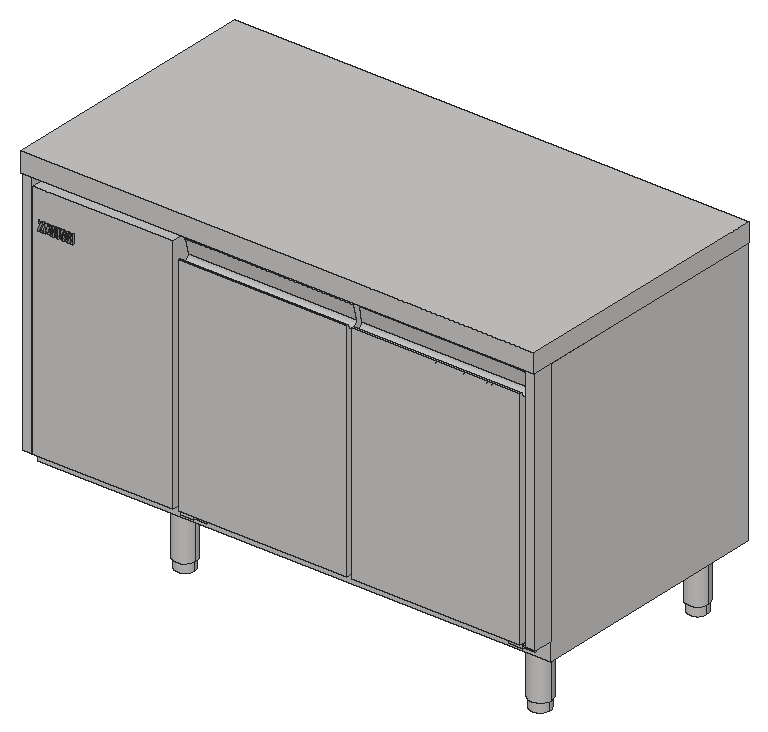
Revit family "QF_ZANUSSI_713060_ZHF2BL", category Attrezzature speciali, Revit 2018
Family settings
  Quota connettore circolare = Usa diametro
  Tipo di parte = Normale
  Basato su piano di lavoro = No
  Sempre verticale = Sì
  Taglio con vuoti quando caricato = No
  Condiviso = No
  Punto di calcolo locali = No
Parameters (values of type "Standard")
  Weight = 112.00 kg
  Watts = 490 W
  Volts = 220 V
  URL Manufacturer = "http://www.zanussiprofessional.com"
  URL = "http://www.zanussiprofessional.com"
  Steam Supply Size = 0 mm
  Steam Supply Minimum Pressure = 0.0 Pa
  Steam Supply Maximum Pressure = 0.0 Pa
  Steam Consumption per Hour = 0
  Refrigeration Suction Line Size = 0 mm
  Refrigeration Liquid Line Size = 0 mm
  Refrigerant Compressor Remote = yes
  Produttore = "Zanussi"
  Phase = 1
  Modello = "ZHF2BL"
  Length Actual = 1345 mm  # constant formula
  Item Number = "713060"
  Hot Water Size = 0 mm
  Height Actual = 900 mm  # constant formula
  HP = "0.7 HP"
  Gas Size = 0 mm
  Gas KW = 0
  Gas Input Pressure = 0 W
  Direct Waste Size = 0 mm
  Descrizione = "FREEZ.COUNTER 290L 2xDOOR CU_LFT A304"
  Depth Actual = 700 mm  # constant formula
  Cycle = 50 Hz
  Condensate Return Size = 0 mm
  Compressed Air Volume = 0.0 L/s
  Compressed Air Size = 0 mm
  Compressed Air Pressure = 0.0 Pa
  Cold Water Size = 0 mm
  Accessory = yes
Values of the unnamed type that differ from the named types
  Weight = 0.00 kg
  Watts = 0 W
  Volts = 0 V
  URL Manufacturer = ""
  Item Number = ""
  HP = ""
  Cycle = 0 Hz
Reference planes
  plane 1: z = 0
  plane 2 "Center (Left/Right)": x = -126.5
  plane 3 "Center (Front/Back)": y = 64.5
  plane 4 "BACK": y = 414.5
  plane 5 "FRONT": y = -285.5
  plane 6 "LEFT": x = -799
  plane 7 "RIGHT": x = 546
  plane 8 "FEET": z = 150
  plane 9 "TOP": z = 900
  plane 10 "PLAIN": z = 850
  plane 11 "EI_back": y = 333.5
  plane 12 "EI_left": x = -711
  plane 13 "BorderBack": y = 414.5
  plane 14 "BorderFront": y = -280.5
  plane 15 "DOOR": y = -230.5
  plane 16 "BorderLeft": x = -797
  plane 17 "BorderRight": x = 544
  plane 18: x = -772
  plane 19: x = 519
Forms (mm)
  Extrusion 1, solid, material "QF_Finishes_Stainless Steel"
    sketch origin (-1022.223, -1524, 150) x (-1, 0, 0) y (0, -1, 0)
      loop
        circle (-311.223, -1857.5) r 5
    from 0 to -40
  Extrusion 2, solid, material "QF_Finishes_Stainless Steel"
    sketch origin (-1022.223, -1524, 150) x (-1, 0, 0) y (0, -1, 0)
      loop
        line (-1541.223, -1293.5) -> (-1541.223, -1243.5) -> (-1566.223, -1243.5) -> (-1566.223, -1293.5) -> (-1541.223, -1293.5)
    from 48 to 700
  Extrusion 3, solid, material "QF_Finishes_Stainless Steel"
    sketch origin (-1022.223, -1524, 150) x (-1, 0, 0) y (0, -1, 0)
      loop
        line (-225.223, -1938.5) -> (-225.223, -1293.5) -> (-1566.223, -1293.5) -> (-1566.223, -1938.5) -> (-225.223, -1938.5)
    from 0 to 700
  Extrusion 4, solid, material "QF_Finishes_Stainless Steel"
    sketch origin (769.223, -1524, 150) x (1, 0, 0) y (0, 1, 0)
      loop
        line (-1541.223, 1293.5) -> (-1566.223, 1293.5) -> (-1566.223, 1243.5) -> (-1541.223, 1243.5) -> (-1541.223, 1293.5)
    from 48 to 700
Dimensions and locks
  equal spacing: plane 6 "LEFT", plane 2 "Center (Left/Right)", plane 7 "RIGHT"
  plane 4 "BACK" to plane 5 "FRONT" = 700 mm  (x2)
  plane 8 "FEET" to level = 150 mm
  plane 4 "BACK" to plane 13 "BorderBack" = 0 mm
  plane 14 "BorderFront" to plane 5 "FRONT" = 5 mm
  plane 15 "DOOR" to plane 14 "BorderFront" = 50 mm
  plane 6 "LEFT" to plane 16 "BorderLeft" = 2 mm
  plane 17 "BorderRight" to plane 7 "RIGHT" = 2 mm
  plane 10 "PLAIN" to plane 8 "FEET" = 700 mm
  plane 9 "TOP" to plane 10 "PLAIN" = 50 mm
  plane 16 "BorderLeft" to plane 18 = 25 mm
  plane 19 to plane 17 "BorderRight" = 25 mm
  plane 13 "BorderBack" to plane 11 "EI_back" = 81 mm
  plane 16 "BorderLeft" to plane 12 "EI_left" = 86 mm
  plane 6 "LEFT" to plane 7 "RIGHT" = 1345 mm
  equal spacing: plane 4 "BACK", plane 3 "Center (Front/Back)", plane 5 "FRONT"
  aligned and locked: level to plane 1
Automatic sketch dimensions
  Extrusion 1 sketch curve to plane 11 "EI_back" = 0 mm
  Extrusion 1 sketch curve to plane 12 "EI_left" = 0 mm
  Extrusion 2 sketch curve to plane 15 "DOOR" = 0 mm
  Extrusion 2 sketch curve to plane 17 "BorderRight" = 0 mm
  Extrusion 2 sketch curve to plane 14 "BorderFront" = 0 mm
  Extrusion 2 sketch curve to plane 19 = 0 mm
  Extrusion 3 sketch curve to plane 13 "BorderBack" = 0 mm
  Extrusion 3 sketch curve to plane 17 "BorderRight" = 0 mm
  Extrusion 3 sketch curve to plane 15 "DOOR" = 0 mm
  Extrusion 3 sketch curve to plane 16 "BorderLeft" = 0 mm
  Extrusion 4 sketch curve to plane 15 "DOOR" = 0 mm
  Extrusion 4 sketch curve to plane 16 "BorderLeft" = 0 mm
  Extrusion 4 sketch curve to plane 14 "BorderFront" = 0 mm
  Extrusion 4 sketch curve to plane 18 = 0 mm
  radius of Extrusion 1 sketch curve = 5 mm
Nested families
  nested 1: "HPP_PLAIN" at (0, 0, 0), type "HPP_PLAIN"
    with Show Logo yes, Show Clearance yes, Length 1345 mm
  nested 2: "HPP_Freezer" at (546, -280.5, 0), type "HPP_Freezer"
  nested 3: "HPP_FEET" at (-452, 333.5, 0), type "HPP_FEET"
  nested 4: "HPP_FEET" at (478, 333.5, 0), type "HPP_FEET"
  nested 5: "HPP_FEET" at (-452, -180.5, 0), type "HPP_FEET"
  nested 6: "HPP_FEET" at (478, -180.5, 0), type "HPP_FEET"
  nested 7: "HPP_ZAN_BI_BT_L" at (-477.58, -230.5, 598) x (1, 0, 0) z (0, -1, 0), type "HPP_ZAN_BI_BT_L"
    with Show Logo yes
  nested 8: "HPP_ZAN_SD_L" at (-169, -230.5, 512) x (1, 0, 0) z (0, -1, 0), type "HPP_ZAN_SD_L"
    with Show Clearance yes
  nested 9: "HPP_ZAN_SD_R" at (285, -230.5, 512) x (1, 0, 0) z (0, -1, 0), type "HPP_ZAN_SD_R"
    with Show Clearance yes
Connectors
  electrical at (-711, 333.5, 110), driven by "Volts"
    settings: on Extrusion 1, index 1, voltage 220 V, apparent load 0 VA, apparent load phase1 0 VA, apparent load phase2 0 VA, apparent load phase3 0 VA, power factor 1, load classification "Other", number of poles 1, system type 31, power factor state 1, is connector primary yes, connector utility no, sub classification motor no, connector description "Electrical Connection"
Definition of nested family "HPP_PLAIN"
  Parameters
    Show Logo [instance] = yes
    Show Clearance [instance] = yes
    Plain = 50 mm
    Manufacturer = ""
    Model = ""
    Length = 1000 mm
    Height = 700 mm
    Feet = 150 mm
    Depth = 700 mm
    Description = ""
  Reference planes
    plane 1 "Center (Front/Back)": y = 64.5
    plane 2: z = 0
    plane 3 "Center (Left/Right)": x = -126.5
    plane 4 "BACK": y = 414.5
    plane 5 "FRONT": y = -285.5
    plane 6 "LEFT": x = -626.5
    plane 7 "RIGHT": x = 373.5
    plane 8 "FEET": z = 150
    plane 9 "TOP": z = 900
    plane 10 "PLAIN": z = 850
  Forms (mm)
    Extrusion 1, solid
      sketch origin (-626.5, 0, 0) x (0, 1, 0) y (0, 0, 1)
        loop
          line (414.5, 900) -> (-285.5, 900) -> (-285.5, 850) -> (414.5, 850) -> (414.5, 900)
      from 0 to 1000 <- "Length"
  Lines and regions (mm)
    symbolic lines
      curve 1: line (373.5, 414.5, 150) -> (-626.5, 414.5, 150)
      curve 2: line (-626.5, 414.5, 150) -> (-626.5, -285.5, 150)
      curve 3: line (-626.5, -285.5, 150) -> (373.5, -285.5, 150)
      curve 4: line (373.5, -285.5, 150) -> (373.5, 414.5, 150)
      curve 5: line (-626.5, -230.5, 150) -> (373.5, -230.5, 150)
  Dimensions and locks
    equal spacing: plane 6 "LEFT", plane 3 "Center (Left/Right)", plane 7 "RIGHT"
    equal spacing: plane 4 "BACK", plane 1 "Center (Front/Back)", plane 5 "FRONT"
    plane 4 "BACK" to plane 5 "FRONT" = 700 mm
    "Feet": plane 8 "FEET" to level
    "Height": plane 10 "PLAIN" to plane 8 "FEET"
    "Plain": plane 9 "TOP" to plane 10 "PLAIN"
    "Length": plane 6 "LEFT" to plane 7 "RIGHT"
    "Depth": plane 4 "BACK" to plane 5 "FRONT"
    aligned and locked: level to plane 2
  Automatic sketch dimensions
    Extrusion 1 sketch curve to plane 5 "FRONT" = 0 mm
    Extrusion 1 sketch curve to plane 4 "BACK" = 0 mm
    Extrusion 1 sketch curve to plane 10 "PLAIN" = 0 mm
    Extrusion 1 sketch curve to plane 9 "TOP" = 0 mm
    curve 1 to plane 4 "BACK" = 0 mm
    plane 5 "FRONT" to curve 5 = 55 mm
    curve 5 to plane 7 "RIGHT" = 0 mm
    curve 5 to plane 6 "LEFT" = 0 mm
    curve 3 to plane 5 "FRONT" = 0 mm
Definition of nested family "HPP_FEET"
  Parameters
    FEET = 150 mm
  Reference planes
    plane 1 "Center (Front/Back)": y = 0
    plane 2: z = 0
    plane 3 "Center (Left/Right)": x = 0
    plane 4: z = 150
  Forms (mm)
    Revolve 1, solid
      sketch origin (255.05, 0, 608.09) x (0, 0, 1) y (-1, 0, 0)
        loop
          line (-608.09, 255.05) -> (-608.09, 230.05) -> (-583.09, 230.05) -> (-583.09, 226.05) -> (-458.09, 226.05) -> (-458.09, 255.05) -> (-608.09, 255.05)
        axis (-608.09, 255.05) -> (-458.09, 255.05)
      angle from 0 to 360
  Dimensions and locks
    locked: Revolve 1 sketch curve to Revolve 1 sketch curve at 125
    "FEET": plane 4 to plane 2
    aligned and locked: level to plane 2
    aligned and locked: plane 4 to Revolve 1 sketch curve
    aligned and locked: Revolve 1 sketch curve to level
    aligned and locked: plane 3 "Center (Left/Right)" to Revolve 1 sketch curve
  Automatic sketch dimensions
    Revolve 1 sketch curve to plane 3 "Center (Left/Right)" = 0 mm
    Revolve 1 sketch curve to Revolve 1 sketch curve = 25 mm
    Revolve 1 sketch curve to Revolve 1 sketch curve = 29 mm
    plane 4 to Revolve 1 sketch curve = 50 mm
    Revolve 1 sketch curve to Revolve 1 sketch curve = 20 mm
Definition of nested family "HPP_ZAN_BI_BT_L"
  Parameters
    Show Logo [instance] = yes
    Default Elevation = 1219.2 mm
  Reference planes
    plane 1 "Center (Front/Back)": y = -86
    plane 2: z = 0
    plane 3 "Center (Left/Right)": x = -109.92
    plane 4: x = -294.42
    plane 5: x = 74.58
    plane 6: y = 228
    plane 7: y = -400
  Forms (mm)
    Extrusion 1, solid
      sketch origin (0, 0, 0) x (1, 0, 0) y (0, 1, 0)
        loop
          line (-1219.2, 1219.2) -> (-1219.2, -1219.2) -> (1219.2, -1219.2) -> (1219.2, 1219.2) -> (-1219.2, 1219.2)
      from 0 to -304.8
    Extrusion 2, solid
      sketch origin (0, 0, 0) x (1, 0, 0) y (0, 1, 0)
        loop
          line (-294.42, 228) -> (-294.42, -400) -> (74.58, -400) -> (74.58, 228) -> (-294.42, 228)
      from 0 to 50
    Extrusion 3, solid
      sketch origin (0, 0, 0) x (1, 0, 0) y (0, 1, 0)
        loop
          line (-264.48, 129.377) -> (-264.48, 134.29) -> (-271.848, 134.29) -> (-264.48, 149.31) -> (-264.48, 153.381) -> (-276.692, 153.381) -> (-276.692, 148.889) -> (-270.235, 149.029) -> (-277.254, 134.29) -> (-277.254, 129.377) -> (-264.48, 129.377)
        loop
          line (-257.429, 138.361) -> (-254.622, 138.361) -> (-256.025, 149.278) -> (-257.429, 138.361)
        loop
          line (-258.692, 129.377) -> (-257.991, 134.009) -> (-253.92, 134.009) -> (-253.218, 129.377) -> (-248.164, 129.377) -> (-252.656, 153.381) -> (-259.394, 153.381) -> (-263.746, 129.377) -> (-258.692, 129.377)
        loop
          line (-247.542, 153.381) -> (-247.542, 129.377) -> (-243.191, 129.377) -> (-243.191, 145.239) -> (-239.12, 129.377) -> (-233.786, 129.377) -> (-233.786, 153.381) -> (-238.278, 153.381) -> (-238.278, 138.08) -> (-242.348, 153.381) -> (-247.542, 153.381)
        loop
          arc (-232.663, 135.313) -> (-226.658, 129.338) -> (-219.889, 134.43) r 6.468
          line (-219.889, 134.43) -> (-219.889, 153.381) -> (-224.802, 153.381) -> (-224.802, 135.553)
          arc (-224.802, 135.553) -> (-226.093, 134.064) -> (-227.75, 135.132) r 1.504
          line (-227.75, 135.132) -> (-227.75, 153.381) -> (-232.663, 153.381) -> (-232.663, 135.313)
        loop
          line (-210.764, 145.8) -> (-206.132, 145.8) -> (-206.056, 147.983)
          arc (-206.056, 147.983) -> (-206.379, 150.415) -> (-207.904, 152.338) r 4.609
          arc (-207.904, 152.338) -> (-212.388, 153.8) -> (-216.872, 152.338) r 7.606
          arc (-216.872, 152.338) -> (-218.7, 148.788) -> (-218.474, 144.801) r 7.59
          arc (-218.474, 144.801) -> (-216.972, 142.597) -> (-215.128, 140.67) r 16.193
          line (-215.128, 140.67) -> (-213.059, 138.836)
          arc (-213.059, 138.836) -> (-211.836, 137.798) -> (-210.886, 136.505) r 6.904
          arc (-210.886, 136.505) -> (-211.121, 134.247) -> (-213.334, 133.743) r 1.95
          arc (-213.334, 133.743) -> (-214.001, 134.417) -> (-214.286, 135.321) r 2.021
          arc (-214.286, 135.321) -> (-214.308, 135.958) -> (-214.286, 136.595) r 9.221
          arc (-214.286, 136.595) -> (-214.265, 137.197) -> (-214.286, 137.799) r 8.711
          line (-214.286, 137.799) -> (-219.187, 137.799)
          arc (-219.187, 137.799) -> (-219.14, 134.363) -> (-217.785, 131.205) r 8.837
          arc (-217.785, 131.205) -> (-211.386, 129.382) -> (-205.995, 133.284) r 7.618
          arc (-205.995, 133.284) -> (-205.897, 137.313) -> (-207.626, 140.954) r 8.7
          line (-207.626, 140.954) -> (-213.01, 145.8)
          arc (-213.01, 145.8) -> (-213.739, 146.716) -> (-214.129, 147.818) r 3.541
          arc (-214.129, 147.818) -> (-212.743, 149.797) -> (-210.764, 148.411) r 1.708
          line (-210.764, 148.411) -> (-210.764, 145.8)
        loop
          line (-196.764, 145.8) -> (-192.132, 145.8) -> (-192.056, 147.983)
          arc (-192.056, 147.983) -> (-192.379, 150.415) -> (-193.904, 152.338) r 4.609
          arc (-193.904, 152.338) -> (-198.388, 153.8) -> (-202.872, 152.338) r 7.606
          arc (-202.872, 152.338) -> (-204.7, 148.788) -> (-204.474, 144.801) r 7.59
          arc (-204.474, 144.801) -> (-202.972, 142.597) -> (-201.128, 140.67) r 16.193
          line (-201.128, 140.67) -> (-199.059, 138.836)
          arc (-199.059, 138.836) -> (-197.836, 137.798) -> (-196.886, 136.505) r 6.904
          arc (-196.886, 136.505) -> (-197.121, 134.247) -> (-199.334, 133.743) r 1.95
          arc (-199.334, 133.743) -> (-200.001, 134.417) -> (-200.286, 135.321) r 2.021
          arc (-200.286, 135.321) -> (-200.308, 135.958) -> (-200.286, 136.595) r 9.221
          arc (-200.286, 136.595) -> (-200.265, 137.197) -> (-200.286, 137.799) r 8.711
          line (-200.286, 137.799) -> (-205.187, 137.799)
          arc (-205.187, 137.799) -> (-205.14, 134.363) -> (-203.785, 131.205) r 8.837
          arc (-203.785, 131.205) -> (-197.386, 129.382) -> (-191.995, 133.284) r 7.618
          arc (-191.995, 133.284) -> (-191.897, 137.313) -> (-193.626, 140.954) r 8.7
          line (-193.626, 140.954) -> (-199.01, 145.8)
          arc (-199.01, 145.8) -> (-199.739, 146.716) -> (-200.129, 147.818) r 3.541
          arc (-200.129, 147.818) -> (-198.743, 149.797) -> (-196.764, 148.411) r 1.708
          line (-196.764, 148.411) -> (-196.764, 145.8)
        loop
          line (-191.112, 153.381) -> (-191.112, 129.377) -> (-186.199, 129.377) -> (-186.199, 153.381) -> (-191.112, 153.381)
      from 50 to 51.6
  Lines and regions (mm)
    Split face 1
      outline origin (-47.5, 0, 50) x (1, 0, 0) y (0, 1, 0)
        loop
          line (7.08, 153) -> (7.08, 130) -> (77.08, 130) -> (77.08, 153) -> (7.08, 153)
    Split face 2
      outline origin (0, 0, 50) x (1, 0, 0) y (0, 1, 0)
        loop
          line (-294.42, 164) -> (74.58, 164)
    Split face 3
      outline origin (-17.5, 0, 50) x (1, 0, 0) y (0, 1, 0)
        loop
          arc (-250.964, 107.824) -> (-254.964, 103.824) -> (-250.964, 99.824) r 4
          line (-250.964, 99.824) -> (-208.964, 99.824)
          arc (-208.964, 99.824) -> (-204.964, 103.824) -> (-208.964, 107.824) r 4
          line (-208.964, 107.824) -> (-250.964, 107.824)
    Split face 4
      outline origin (347.5, 0, 50) x (1, 0, 0) y (0, 1, 0)
        loop
          arc (-340.964, 107.824) -> (-344.964, 103.824) -> (-340.964, 99.824) r 4
          line (-340.964, 99.824) -> (-298.964, 99.824)
          arc (-298.964, 99.824) -> (-294.964, 103.824) -> (-298.964, 107.824) r 4
          line (-298.964, 107.824) -> (-340.964, 107.824)
    Split face 5
      outline origin (92.5, 0, 50) x (1, 0, 0) y (0, 1, 0)
        loop
          arc (-305.964, 107.824) -> (-309.964, 103.824) -> (-305.964, 99.824) r 4
          line (-305.964, 99.824) -> (-263.964, 99.824)
          arc (-263.964, 99.824) -> (-259.964, 103.824) -> (-263.964, 107.824) r 4
          line (-263.964, 107.824) -> (-305.964, 107.824)
    Split face 6
      outline origin (237.5, 0, 50) x (1, 0, 0) y (0, 1, 0)
        loop
          arc (-285.964, 107.824) -> (-289.964, 103.824) -> (-285.964, 99.824) r 4
          line (-285.964, 99.824) -> (-243.964, 99.824)
          arc (-243.964, 99.824) -> (-239.964, 103.824) -> (-243.964, 107.824) r 4
          line (-243.964, 107.824) -> (-285.964, 107.824)
    Split face 7
      outline origin (-17.5, -24, 50) x (1, 0, 0) y (0, 1, 0)
        loop
          arc (-250.964, 119.824) -> (-254.964, 115.824) -> (-250.964, 111.824) r 4
          line (-250.964, 111.824) -> (-208.964, 111.824)
          arc (-208.964, 111.824) -> (-204.964, 115.824) -> (-208.964, 119.824) r 4
          line (-208.964, 119.824) -> (-250.964, 119.824)
    Split face 8
      outline origin (347.5, -24, 50) x (1, 0, 0) y (0, 1, 0)
        loop
          arc (-340.964, 119.824) -> (-344.964, 115.824) -> (-340.964, 111.824) r 4
          line (-340.964, 111.824) -> (-298.964, 111.824)
          arc (-298.964, 111.824) -> (-294.964, 115.824) -> (-298.964, 119.824) r 4
          line (-298.964, 119.824) -> (-340.964, 119.824)
    Split face 9
      outline origin (92.5, -24, 50) x (1, 0, 0) y (0, 1, 0)
        loop
          arc (-305.964, 119.824) -> (-309.964, 115.824) -> (-305.964, 111.824) r 4
          line (-305.964, 111.824) -> (-263.964, 111.824)
          arc (-263.964, 111.824) -> (-259.964, 115.824) -> (-263.964, 119.824) r 4
          line (-263.964, 119.824) -> (-305.964, 119.824)
    Split face 10
      outline origin (237.5, -24, 50) x (1, 0, 0) y (0, 1, 0)
        loop
          arc (-285.964, 119.824) -> (-289.964, 115.824) -> (-285.964, 111.824) r 4
          line (-285.964, 111.824) -> (-243.964, 111.824)
          arc (-243.964, 111.824) -> (-239.964, 115.824) -> (-243.964, 119.824) r 4
          line (-243.964, 119.824) -> (-285.964, 119.824)
    Split face 11
      outline origin (-17.5, -48, 50) x (1, 0, 0) y (0, 1, 0)
        loop
          arc (-250.964, 131.824) -> (-254.964, 127.824) -> (-250.964, 123.824) r 4
          line (-250.964, 123.824) -> (-208.964, 123.824)
          arc (-208.964, 123.824) -> (-204.964, 127.824) -> (-208.964, 131.824) r 4
          line (-208.964, 131.824) -> (-250.964, 131.824)
    Split face 12
      outline origin (347.5, -48, 50) x (1, 0, 0) y (0, 1, 0)
        loop
          arc (-340.964, 131.824) -> (-344.964, 127.824) -> (-340.964, 123.824) r 4
          line (-340.964, 123.824) -> (-298.964, 123.824)
          arc (-298.964, 123.824) -> (-294.964, 127.824) -> (-298.964, 131.824) r 4
          line (-298.964, 131.824) -> (-340.964, 131.824)
    Split face 13
      outline origin (92.5, -48, 50) x (1, 0, 0) y (0, 1, 0)
        loop
          arc (-305.964, 131.824) -> (-309.964, 127.824) -> (-305.964, 123.824) r 4
          line (-305.964, 123.824) -> (-263.964, 123.824)
          arc (-263.964, 123.824) -> (-259.964, 127.824) -> (-263.964, 131.824) r 4
          line (-263.964, 131.824) -> (-305.964, 131.824)
    Split face 14
      outline origin (237.5, -48, 50) x (1, 0, 0) y (0, 1, 0)
        loop
          arc (-285.964, 131.824) -> (-289.964, 127.824) -> (-285.964, 123.824) r 4
          line (-285.964, 123.824) -> (-243.964, 123.824)
          arc (-243.964, 123.824) -> (-239.964, 127.824) -> (-243.964, 131.824) r 4
          line (-243.964, 131.824) -> (-285.964, 131.824)
    Split face 15
      outline origin (-17.5, -72, 50) x (1, 0, 0) y (0, 1, 0)
        loop
          arc (-250.964, 143.824) -> (-254.964, 139.824) -> (-250.964, 135.824) r 4
          line (-250.964, 135.824) -> (-208.964, 135.824)
          arc (-208.964, 135.824) -> (-204.964, 139.824) -> (-208.964, 143.824) r 4
          line (-208.964, 143.824) -> (-250.964, 143.824)
    Split face 16
      outline origin (347.5, -72, 50) x (1, 0, 0) y (0, 1, 0)
        loop
          arc (-340.964, 143.824) -> (-344.964, 139.824) -> (-340.964, 135.824) r 4
          line (-340.964, 135.824) -> (-298.964, 135.824)
          arc (-298.964, 135.824) -> (-294.964, 139.824) -> (-298.964, 143.824) r 4
          line (-298.964, 143.824) -> (-340.964, 143.824)
    Split face 17
      outline origin (92.5, -72, 50) x (1, 0, 0) y (0, 1, 0)
        loop
          arc (-305.964, 143.824) -> (-309.964, 139.824) -> (-305.964, 135.824) r 4
          line (-305.964, 135.824) -> (-263.964, 135.824)
          arc (-263.964, 135.824) -> (-259.964, 139.824) -> (-263.964, 143.824) r 4
          line (-263.964, 143.824) -> (-305.964, 143.824)
    Split face 18
      outline origin (237.5, -72, 50) x (1, 0, 0) y (0, 1, 0)
        loop
          arc (-285.964, 143.824) -> (-289.964, 139.824) -> (-285.964, 135.824) r 4
          line (-285.964, 135.824) -> (-243.964, 135.824)
          arc (-243.964, 135.824) -> (-239.964, 139.824) -> (-243.964, 143.824) r 4
          line (-243.964, 143.824) -> (-285.964, 143.824)
    Split face 19
      outline origin (-17.5, -96, 50) x (1, 0, 0) y (0, 1, 0)
        loop
          arc (-250.964, 155.824) -> (-254.964, 151.824) -> (-250.964, 147.824) r 4
          line (-250.964, 147.824) -> (-208.964, 147.824)
          arc (-208.964, 147.824) -> (-204.964, 151.824) -> (-208.964, 155.824) r 4
          line (-208.964, 155.824) -> (-250.964, 155.824)
    Split face 20
      outline origin (347.5, -96, 50) x (1, 0, 0) y (0, 1, 0)
        loop
          arc (-340.964, 155.824) -> (-344.964, 151.824) -> (-340.964, 147.824) r 4
          line (-340.964, 147.824) -> (-298.964, 147.824)
          arc (-298.964, 147.824) -> (-294.964, 151.824) -> (-298.964, 155.824) r 4
          line (-298.964, 155.824) -> (-340.964, 155.824)
    Split face 21
      outline origin (92.5, -96, 50) x (1, 0, 0) y (0, 1, 0)
        loop
          arc (-305.964, 155.824) -> (-309.964, 151.824) -> (-305.964, 147.824) r 4
          line (-305.964, 147.824) -> (-263.964, 147.824)
          arc (-263.964, 147.824) -> (-259.964, 151.824) -> (-263.964, 155.824) r 4
          line (-263.964, 155.824) -> (-305.964, 155.824)
    Split face 22
      outline origin (237.5, -96, 50) x (1, 0, 0) y (0, 1, 0)
        loop
          arc (-285.964, 155.824) -> (-289.964, 151.824) -> (-285.964, 147.824) r 4
          line (-285.964, 147.824) -> (-243.964, 147.824)
          arc (-243.964, 147.824) -> (-239.964, 151.824) -> (-243.964, 155.824) r 4
          line (-243.964, 155.824) -> (-285.964, 155.824)
    Split face 23
      outline origin (-17.5, -120, 50) x (1, 0, 0) y (0, 1, 0)
        loop
          arc (-250.964, 167.824) -> (-254.964, 163.824) -> (-250.964, 159.824) r 4
          line (-250.964, 159.824) -> (-208.964, 159.824)
          arc (-208.964, 159.824) -> (-204.964, 163.824) -> (-208.964, 167.824) r 4
          line (-208.964, 167.824) -> (-250.964, 167.824)
    Split face 24
      outline origin (347.5, -120, 50) x (1, 0, 0) y (0, 1, 0)
        loop
          arc (-340.964, 167.824) -> (-344.964, 163.824) -> (-340.964, 159.824) r 4
          line (-340.964, 159.824) -> (-298.964, 159.824)
          arc (-298.964, 159.824) -> (-294.964, 163.824) -> (-298.964, 167.824) r 4
          line (-298.964, 167.824) -> (-340.964, 167.824)
    Split face 25
      outline origin (92.5, -120, 50) x (1, 0, 0) y (0, 1, 0)
        loop
          arc (-305.964, 167.824) -> (-309.964, 163.824) -> (-305.964, 159.824) r 4
          line (-305.964, 159.824) -> (-263.964, 159.824)
          arc (-263.964, 159.824) -> (-259.964, 163.824) -> (-263.964, 167.824) r 4
          line (-263.964, 167.824) -> (-305.964, 167.824)
    Split face 26
      outline origin (237.5, -120, 50) x (1, 0, 0) y (0, 1, 0)
        loop
          arc (-285.964, 167.824) -> (-289.964, 163.824) -> (-285.964, 159.824) r 4
          line (-285.964, 159.824) -> (-243.964, 159.824)
          arc (-243.964, 159.824) -> (-239.964, 163.824) -> (-243.964, 167.824) r 4
          line (-243.964, 167.824) -> (-285.964, 167.824)
    Split face 27
      outline origin (-17.5, -144, 50) x (1, 0, 0) y (0, 1, 0)
        loop
          arc (-250.964, 179.824) -> (-254.964, 175.824) -> (-250.964, 171.824) r 4
          line (-250.964, 171.824) -> (-208.964, 171.824)
          arc (-208.964, 171.824) -> (-204.964, 175.824) -> (-208.964, 179.824) r 4
          line (-208.964, 179.824) -> (-250.964, 179.824)
    Split face 28
      outline origin (347.5, -144, 50) x (1, 0, 0) y (0, 1, 0)
        loop
          arc (-340.964, 179.824) -> (-344.964, 175.824) -> (-340.964, 171.824) r 4
          line (-340.964, 171.824) -> (-298.964, 171.824)
          arc (-298.964, 171.824) -> (-294.964, 175.824) -> (-298.964, 179.824) r 4
          line (-298.964, 179.824) -> (-340.964, 179.824)
    Split face 29
      outline origin (92.5, -144, 50) x (1, 0, 0) y (0, 1, 0)
        loop
          arc (-305.964, 179.824) -> (-309.964, 175.824) -> (-305.964, 171.824) r 4
          line (-305.964, 171.824) -> (-263.964, 171.824)
          arc (-263.964, 171.824) -> (-259.964, 175.824) -> (-263.964, 179.824) r 4
          line (-263.964, 179.824) -> (-305.964, 179.824)
    Split face 30
      outline origin (237.5, -144, 50) x (1, 0, 0) y (0, 1, 0)
        loop
          arc (-285.964, 179.824) -> (-289.964, 175.824) -> (-285.964, 171.824) r 4
          line (-285.964, 171.824) -> (-243.964, 171.824)
          arc (-243.964, 171.824) -> (-239.964, 175.824) -> (-243.964, 179.824) r 4
          line (-243.964, 179.824) -> (-285.964, 179.824)
    Split face 31
      outline origin (-17.5, -168, 50) x (1, 0, 0) y (0, 1, 0)
        loop
          arc (-250.964, 191.824) -> (-254.964, 187.824) -> (-250.964, 183.824) r 4
          line (-250.964, 183.824) -> (-208.964, 183.824)
          arc (-208.964, 183.824) -> (-204.964, 187.824) -> (-208.964, 191.824) r 4
          line (-208.964, 191.824) -> (-250.964, 191.824)
    Split face 32
      outline origin (347.5, -168, 50) x (1, 0, 0) y (0, 1, 0)
        loop
          arc (-340.964, 191.824) -> (-344.964, 187.824) -> (-340.964, 183.824) r 4
          line (-340.964, 183.824) -> (-298.964, 183.824)
          arc (-298.964, 183.824) -> (-294.964, 187.824) -> (-298.964, 191.824) r 4
          line (-298.964, 191.824) -> (-340.964, 191.824)
    Split face 33
      outline origin (92.5, -168, 50) x (1, 0, 0) y (0, 1, 0)
        loop
          arc (-305.964, 191.824) -> (-309.964, 187.824) -> (-305.964, 183.824) r 4
          line (-305.964, 183.824) -> (-263.964, 183.824)
          arc (-263.964, 183.824) -> (-259.964, 187.824) -> (-263.964, 191.824) r 4
          line (-263.964, 191.824) -> (-305.964, 191.824)
    Split face 34
      outline origin (237.5, -168, 50) x (1, 0, 0) y (0, 1, 0)
        loop
          arc (-285.964, 191.824) -> (-289.964, 187.824) -> (-285.964, 183.824) r 4
          line (-285.964, 183.824) -> (-243.964, 183.824)
          arc (-243.964, 183.824) -> (-239.964, 187.824) -> (-243.964, 191.824) r 4
          line (-243.964, 191.824) -> (-285.964, 191.824)
    Split face 35
      outline origin (-17.5, -192, 50) x (1, 0, 0) y (0, 1, 0)
        loop
          arc (-250.964, 203.824) -> (-254.964, 199.824) -> (-250.964, 195.824) r 4
          line (-250.964, 195.824) -> (-208.964, 195.824)
          arc (-208.964, 195.824) -> (-204.964, 199.824) -> (-208.964, 203.824) r 4
          line (-208.964, 203.824) -> (-250.964, 203.824)
    Split face 36
      outline origin (347.5, -192, 50) x (1, 0, 0) y (0, 1, 0)
        loop
          arc (-340.964, 203.824) -> (-344.964, 199.824) -> (-340.964, 195.824) r 4
          line (-340.964, 195.824) -> (-298.964, 195.824)
          arc (-298.964, 195.824) -> (-294.964, 199.824) -> (-298.964, 203.824) r 4
          line (-298.964, 203.824) -> (-340.964, 203.824)
    Split face 37
      outline origin (92.5, -192, 50) x (1, 0, 0) y (0, 1, 0)
        loop
          arc (-305.964, 203.824) -> (-309.964, 199.824) -> (-305.964, 195.824) r 4
          line (-305.964, 195.824) -> (-263.964, 195.824)
          arc (-263.964, 195.824) -> (-259.964, 199.824) -> (-263.964, 203.824) r 4
          line (-263.964, 203.824) -> (-305.964, 203.824)
    Split face 38
      outline origin (237.5, -192, 50) x (1, 0, 0) y (0, 1, 0)
        loop
          arc (-285.964, 203.824) -> (-289.964, 199.824) -> (-285.964, 195.824) r 4
          line (-285.964, 195.824) -> (-243.964, 195.824)
          arc (-243.964, 195.824) -> (-239.964, 199.824) -> (-243.964, 203.824) r 4
          line (-243.964, 203.824) -> (-285.964, 203.824)
    Split face 39
      outline origin (-17.5, -216, 50) x (1, 0, 0) y (0, 1, 0)
        loop
          arc (-250.964, 215.824) -> (-254.964, 211.824) -> (-250.964, 207.824) r 4
          line (-250.964, 207.824) -> (-208.964, 207.824)
          arc (-208.964, 207.824) -> (-204.964, 211.824) -> (-208.964, 215.824) r 4
          line (-208.964, 215.824) -> (-250.964, 215.824)
    Split face 40
      outline origin (347.5, -216, 50) x (1, 0, 0) y (0, 1, 0)
        loop
          arc (-340.964, 215.824) -> (-344.964, 211.824) -> (-340.964, 207.824) r 4
          line (-340.964, 207.824) -> (-298.964, 207.824)
          arc (-298.964, 207.824) -> (-294.964, 211.824) -> (-298.964, 215.824) r 4
          line (-298.964, 215.824) -> (-340.964, 215.824)
    Split face 41
      outline origin (92.5, -216, 50) x (1, 0, 0) y (0, 1, 0)
        loop
          arc (-305.964, 215.824) -> (-309.964, 211.824) -> (-305.964, 207.824) r 4
          line (-305.964, 207.824) -> (-263.964, 207.824)
          arc (-263.964, 207.824) -> (-259.964, 211.824) -> (-263.964, 215.824) r 4
          line (-263.964, 215.824) -> (-305.964, 215.824)
    Split face 42
      outline origin (237.5, -216, 50) x (1, 0, 0) y (0, 1, 0)
        loop
          arc (-285.964, 215.824) -> (-289.964, 211.824) -> (-285.964, 207.824) r 4
          line (-285.964, 207.824) -> (-243.964, 207.824)
          arc (-243.964, 207.824) -> (-239.964, 211.824) -> (-243.964, 215.824) r 4
          line (-243.964, 215.824) -> (-285.964, 215.824)
    Split face 43
      outline origin (-17.5, -240, 50) x (1, 0, 0) y (0, 1, 0)
        loop
          arc (-250.964, 227.824) -> (-254.964, 223.824) -> (-250.964, 219.824) r 4
          line (-250.964, 219.824) -> (-208.964, 219.824)
          arc (-208.964, 219.824) -> (-204.964, 223.824) -> (-208.964, 227.824) r 4
          line (-208.964, 227.824) -> (-250.964, 227.824)
    Split face 44
      outline origin (347.5, -240, 50) x (1, 0, 0) y (0, 1, 0)
        loop
          arc (-340.964, 227.824) -> (-344.964, 223.824) -> (-340.964, 219.824) r 4
          line (-340.964, 219.824) -> (-298.964, 219.824)
          arc (-298.964, 219.824) -> (-294.964, 223.824) -> (-298.964, 227.824) r 4
          line (-298.964, 227.824) -> (-340.964, 227.824)
    Split face 45
      outline origin (92.5, -240, 50) x (1, 0, 0) y (0, 1, 0)
        loop
          arc (-305.964, 227.824) -> (-309.964, 223.824) -> (-305.964, 219.824) r 4
          line (-305.964, 219.824) -> (-263.964, 219.824)
          arc (-263.964, 219.824) -> (-259.964, 223.824) -> (-263.964, 227.824) r 4
          line (-263.964, 227.824) -> (-305.964, 227.824)
    Split face 46
      outline origin (237.5, -240, 50) x (1, 0, 0) y (0, 1, 0)
        loop
          arc (-285.964, 227.824) -> (-289.964, 223.824) -> (-285.964, 219.824) r 4
          line (-285.964, 219.824) -> (-243.964, 219.824)
          arc (-243.964, 219.824) -> (-239.964, 223.824) -> (-243.964, 227.824) r 4
          line (-243.964, 227.824) -> (-285.964, 227.824)
    Split face 47
      outline origin (-17.5, -264, 50) x (1, 0, 0) y (0, 1, 0)
        loop
          arc (-250.964, 239.824) -> (-254.964, 235.824) -> (-250.964, 231.824) r 4
          line (-250.964, 231.824) -> (-208.964, 231.824)
          arc (-208.964, 231.824) -> (-204.964, 235.824) -> (-208.964, 239.824) r 4
          line (-208.964, 239.824) -> (-250.964, 239.824)
    Split face 48
      outline origin (347.5, -264, 50) x (1, 0, 0) y (0, 1, 0)
        loop
          arc (-340.964, 239.824) -> (-344.964, 235.824) -> (-340.964, 231.824) r 4
          line (-340.964, 231.824) -> (-298.964, 231.824)
          arc (-298.964, 231.824) -> (-294.964, 235.824) -> (-298.964, 239.824) r 4
          line (-298.964, 239.824) -> (-340.964, 239.824)
    Split face 49
      outline origin (92.5, -264, 50) x (1, 0, 0) y (0, 1, 0)
        loop
          arc (-305.964, 239.824) -> (-309.964, 235.824) -> (-305.964, 231.824) r 4
          line (-305.964, 231.824) -> (-263.964, 231.824)
          arc (-263.964, 231.824) -> (-259.964, 235.824) -> (-263.964, 239.824) r 4
          line (-263.964, 239.824) -> (-305.964, 239.824)
    Split face 50
      outline origin (237.5, -264, 50) x (1, 0, 0) y (0, 1, 0)
        loop
          arc (-285.964, 239.824) -> (-289.964, 235.824) -> (-285.964, 231.824) r 4
          line (-285.964, 231.824) -> (-243.964, 231.824)
          arc (-243.964, 231.824) -> (-239.964, 235.824) -> (-243.964, 239.824) r 4
          line (-243.964, 239.824) -> (-285.964, 239.824)
    Split face 51
      outline origin (-17.5, -288, 50) x (1, 0, 0) y (0, 1, 0)
        loop
          arc (-250.964, 251.824) -> (-254.964, 247.824) -> (-250.964, 243.824) r 4
          line (-250.964, 243.824) -> (-208.964, 243.824)
          arc (-208.964, 243.824) -> (-204.964, 247.824) -> (-208.964, 251.824) r 4
          line (-208.964, 251.824) -> (-250.964, 251.824)
    Split face 52
      outline origin (347.5, -288, 50) x (1, 0, 0) y (0, 1, 0)
        loop
          arc (-340.964, 251.824) -> (-344.964, 247.824) -> (-340.964, 243.824) r 4
          line (-340.964, 243.824) -> (-298.964, 243.824)
          arc (-298.964, 243.824) -> (-294.964, 247.824) -> (-298.964, 251.824) r 4
          line (-298.964, 251.824) -> (-340.964, 251.824)
    Split face 53
      outline origin (92.5, -288, 50) x (1, 0, 0) y (0, 1, 0)
        loop
          arc (-305.964, 251.824) -> (-309.964, 247.824) -> (-305.964, 243.824) r 4
          line (-305.964, 243.824) -> (-263.964, 243.824)
          arc (-263.964, 243.824) -> (-259.964, 247.824) -> (-263.964, 251.824) r 4
          line (-263.964, 251.824) -> (-305.964, 251.824)
    Split face 54
      outline origin (237.5, -288, 50) x (1, 0, 0) y (0, 1, 0)
        loop
          arc (-285.964, 251.824) -> (-289.964, 247.824) -> (-285.964, 243.824) r 4
          line (-285.964, 243.824) -> (-243.964, 243.824)
          arc (-243.964, 243.824) -> (-239.964, 247.824) -> (-243.964, 251.824) r 4
          line (-243.964, 251.824) -> (-285.964, 251.824)
    Split face 55
      outline origin (-17.5, -312, 50) x (1, 0, 0) y (0, 1, 0)
        loop
          arc (-250.964, 263.824) -> (-254.964, 259.824) -> (-250.964, 255.824) r 4
          line (-250.964, 255.824) -> (-208.964, 255.824)
          arc (-208.964, 255.824) -> (-204.964, 259.824) -> (-208.964, 263.824) r 4
          line (-208.964, 263.824) -> (-250.964, 263.824)
    Split face 56
      outline origin (347.5, -312, 50) x (1, 0, 0) y (0, 1, 0)
        loop
          arc (-340.964, 263.824) -> (-344.964, 259.824) -> (-340.964, 255.824) r 4
          line (-340.964, 255.824) -> (-298.964, 255.824)
          arc (-298.964, 255.824) -> (-294.964, 259.824) -> (-298.964, 263.824) r 4
          line (-298.964, 263.824) -> (-340.964, 263.824)
    Split face 57
      outline origin (92.5, -312, 50) x (1, 0, 0) y (0, 1, 0)
        loop
          arc (-305.964, 263.824) -> (-309.964, 259.824) -> (-305.964, 255.824) r 4
          line (-305.964, 255.824) -> (-263.964, 255.824)
          arc (-263.964, 255.824) -> (-259.964, 259.824) -> (-263.964, 263.824) r 4
          line (-263.964, 263.824) -> (-305.964, 263.824)
    Split face 58
      outline origin (237.5, -312, 50) x (1, 0, 0) y (0, 1, 0)
        loop
          arc (-285.964, 263.824) -> (-289.964, 259.824) -> (-285.964, 255.824) r 4
          line (-285.964, 255.824) -> (-243.964, 255.824)
          arc (-243.964, 255.824) -> (-239.964, 259.824) -> (-243.964, 263.824) r 4
          line (-243.964, 263.824) -> (-285.964, 263.824)
    Split face 59
      outline origin (-17.5, -336, 50) x (1, 0, 0) y (0, 1, 0)
        loop
          arc (-250.964, 275.824) -> (-254.964, 271.824) -> (-250.964, 267.824) r 4
          line (-250.964, 267.824) -> (-208.964, 267.824)
          arc (-208.964, 267.824) -> (-204.964, 271.824) -> (-208.964, 275.824) r 4
          line (-208.964, 275.824) -> (-250.964, 275.824)
    Split face 60
      outline origin (347.5, -336, 50) x (1, 0, 0) y (0, 1, 0)
        loop
          arc (-340.964, 275.824) -> (-344.964, 271.824) -> (-340.964, 267.824) r 4
          line (-340.964, 267.824) -> (-298.964, 267.824)
          arc (-298.964, 267.824) -> (-294.964, 271.824) -> (-298.964, 275.824) r 4
          line (-298.964, 275.824) -> (-340.964, 275.824)
    Split face 61
      outline origin (92.5, -336, 50) x (1, 0, 0) y (0, 1, 0)
        loop
          arc (-305.964, 275.824) -> (-309.964, 271.824) -> (-305.964, 267.824) r 4
          line (-305.964, 267.824) -> (-263.964, 267.824)
          arc (-263.964, 267.824) -> (-259.964, 271.824) -> (-263.964, 275.824) r 4
          line (-263.964, 275.824) -> (-305.964, 275.824)
    Split face 62
      outline origin (237.5, -336, 50) x (1, 0, 0) y (0, 1, 0)
        loop
          arc (-285.964, 275.824) -> (-289.964, 271.824) -> (-285.964, 267.824) r 4
          line (-285.964, 267.824) -> (-243.964, 267.824)
          arc (-243.964, 267.824) -> (-239.964, 271.824) -> (-243.964, 275.824) r 4
          line (-243.964, 275.824) -> (-285.964, 275.824)
    Split face 63
      outline origin (-17.5, -360, 50) x (1, 0, 0) y (0, 1, 0)
        loop
          arc (-250.964, 287.824) -> (-254.964, 283.824) -> (-250.964, 279.824) r 4
          line (-250.964, 279.824) -> (-208.964, 279.824)
          arc (-208.964, 279.824) -> (-204.964, 283.824) -> (-208.964, 287.824) r 4
          line (-208.964, 287.824) -> (-250.964, 287.824)
    Split face 64
      outline origin (347.5, -360, 50) x (1, 0, 0) y (0, 1, 0)
        loop
          arc (-340.964, 287.824) -> (-344.964, 283.824) -> (-340.964, 279.824) r 4
          line (-340.964, 279.824) -> (-298.964, 279.824)
          arc (-298.964, 279.824) -> (-294.964, 283.824) -> (-298.964, 287.824) r 4
          line (-298.964, 287.824) -> (-340.964, 287.824)
    Split face 65
      outline origin (92.5, -360, 50) x (1, 0, 0) y (0, 1, 0)
        loop
          arc (-305.964, 287.824) -> (-309.964, 283.824) -> (-305.964, 279.824) r 4
          line (-305.964, 279.824) -> (-263.964, 279.824)
          arc (-263.964, 279.824) -> (-259.964, 283.824) -> (-263.964, 287.824) r 4
          line (-263.964, 287.824) -> (-305.964, 287.824)
    Split face 66
      outline origin (237.5, -360, 50) x (1, 0, 0) y (0, 1, 0)
        loop
          arc (-285.964, 287.824) -> (-289.964, 283.824) -> (-285.964, 279.824) r 4
          line (-285.964, 279.824) -> (-243.964, 279.824)
          arc (-243.964, 279.824) -> (-239.964, 283.824) -> (-243.964, 287.824) r 4
          line (-243.964, 287.824) -> (-285.964, 287.824)
    Split face 67
      outline origin (0, 0, 50) x (1, 0, 0) y (0, 1, 0)
        loop
          line (-294.42, 119) -> (74.58, 119)
    Split face 68
      outline origin (-17.5, -663.3, 50) x (1, 0, 0) y (0, 1, 0)
        loop
          arc (-250.964, 463.474) -> (-254.964, 459.474) -> (-250.964, 455.474) r 4
          line (-250.964, 455.474) -> (-208.964, 455.474)
          arc (-208.964, 455.474) -> (-204.964, 459.474) -> (-208.964, 463.474) r 4
          line (-208.964, 463.474) -> (-250.964, 463.474)
    Split face 69
      outline origin (347.5, -663.3, 50) x (1, 0, 0) y (0, 1, 0)
        loop
          arc (-340.964, 463.474) -> (-344.964, 459.474) -> (-340.964, 455.474) r 4
          line (-340.964, 455.474) -> (-298.964, 455.474)
          arc (-298.964, 455.474) -> (-294.964, 459.474) -> (-298.964, 463.474) r 4
          line (-298.964, 463.474) -> (-340.964, 463.474)
    Split face 70
      outline origin (92.5, -663.3, 50) x (1, 0, 0) y (0, 1, 0)
        loop
          arc (-305.964, 463.474) -> (-309.964, 459.474) -> (-305.964, 455.474) r 4
          line (-305.964, 455.474) -> (-263.964, 455.474)
          arc (-263.964, 455.474) -> (-259.964, 459.474) -> (-263.964, 463.474) r 4
          line (-263.964, 463.474) -> (-305.964, 463.474)
    Split face 71
      outline origin (237.5, -663.3, 50) x (1, 0, 0) y (0, 1, 0)
        loop
          arc (-285.964, 463.474) -> (-289.964, 459.474) -> (-285.964, 455.474) r 4
          line (-285.964, 455.474) -> (-243.964, 455.474)
          arc (-243.964, 455.474) -> (-239.964, 459.474) -> (-243.964, 463.474) r 4
          line (-243.964, 463.474) -> (-285.964, 463.474)
    Split face 72
      outline origin (-17.5, -687.3, 50) x (1, 0, 0) y (0, 1, 0)
        loop
          arc (-250.964, 475.474) -> (-254.964, 471.474) -> (-250.964, 467.474) r 4
          line (-250.964, 467.474) -> (-208.964, 467.474)
          arc (-208.964, 467.474) -> (-204.964, 471.474) -> (-208.964, 475.474) r 4
          line (-208.964, 475.474) -> (-250.964, 475.474)
    Split face 73
      outline origin (347.5, -687.3, 50) x (1, 0, 0) y (0, 1, 0)
        loop
          arc (-340.964, 475.474) -> (-344.964, 471.474) -> (-340.964, 467.474) r 4
          line (-340.964, 467.474) -> (-298.964, 467.474)
          arc (-298.964, 467.474) -> (-294.964, 471.474) -> (-298.964, 475.474) r 4
          line (-298.964, 475.474) -> (-340.964, 475.474)
    Split face 74
      outline origin (92.5, -687.3, 50) x (1, 0, 0) y (0, 1, 0)
        loop
          arc (-305.964, 475.474) -> (-309.964, 471.474) -> (-305.964, 467.474) r 4
          line (-305.964, 467.474) -> (-263.964, 467.474)
          arc (-263.964, 467.474) -> (-259.964, 471.474) -> (-263.964, 475.474) r 4
          line (-263.964, 475.474) -> (-305.964, 475.474)
    Split face 75
      outline origin (237.5, -687.3, 50) x (1, 0, 0) y (0, 1, 0)
        loop
          arc (-285.964, 475.474) -> (-289.964, 471.474) -> (-285.964, 467.474) r 4
          line (-285.964, 467.474) -> (-243.964, 467.474)
          arc (-243.964, 467.474) -> (-239.964, 471.474) -> (-243.964, 475.474) r 4
          line (-243.964, 475.474) -> (-285.964, 475.474)
    Split face 76
      outline origin (-17.5, -711.3, 50) x (1, 0, 0) y (0, 1, 0)
        loop
          arc (-250.964, 487.474) -> (-254.964, 483.474) -> (-250.964, 479.474) r 4
          line (-250.964, 479.474) -> (-208.964, 479.474)
          arc (-208.964, 479.474) -> (-204.964, 483.474) -> (-208.964, 487.474) r 4
          line (-208.964, 487.474) -> (-250.964, 487.474)
    Split face 77
      outline origin (347.5, -711.3, 50) x (1, 0, 0) y (0, 1, 0)
        loop
          arc (-340.964, 487.474) -> (-344.964, 483.474) -> (-340.964, 479.474) r 4
          line (-340.964, 479.474) -> (-298.964, 479.474)
          arc (-298.964, 479.474) -> (-294.964, 483.474) -> (-298.964, 487.474) r 4
          line (-298.964, 487.474) -> (-340.964, 487.474)
    Split face 78
      outline origin (92.5, -711.3, 50) x (1, 0, 0) y (0, 1, 0)
        loop
          arc (-305.964, 487.474) -> (-309.964, 483.474) -> (-305.964, 479.474) r 4
          line (-305.964, 479.474) -> (-263.964, 479.474)
          arc (-263.964, 479.474) -> (-259.964, 483.474) -> (-263.964, 487.474) r 4
          line (-263.964, 487.474) -> (-305.964, 487.474)
    Split face 79
      outline origin (237.5, -711.3, 50) x (1, 0, 0) y (0, 1, 0)
        loop
          arc (-285.964, 487.474) -> (-289.964, 483.474) -> (-285.964, 479.474) r 4
          line (-285.964, 479.474) -> (-243.964, 479.474)
          arc (-243.964, 479.474) -> (-239.964, 483.474) -> (-243.964, 487.474) r 4
          line (-243.964, 487.474) -> (-285.964, 487.474)
    Split face 80
      outline origin (-17.5, -735.3, 50) x (1, 0, 0) y (0, 1, 0)
        loop
          arc (-250.964, 499.474) -> (-254.964, 495.474) -> (-250.964, 491.474) r 4
          line (-250.964, 491.474) -> (-208.964, 491.474)
          arc (-208.964, 491.474) -> (-204.964, 495.474) -> (-208.964, 499.474) r 4
          line (-208.964, 499.474) -> (-250.964, 499.474)
    Split face 81
      outline origin (347.5, -735.3, 50) x (1, 0, 0) y (0, 1, 0)
        loop
          arc (-340.964, 499.474) -> (-344.964, 495.474) -> (-340.964, 491.474) r 4
          line (-340.964, 491.474) -> (-298.964, 491.474)
          arc (-298.964, 491.474) -> (-294.964, 495.474) -> (-298.964, 499.474) r 4
          line (-298.964, 499.474) -> (-340.964, 499.474)
    Split face 82
      outline origin (92.5, -735.3, 50) x (1, 0, 0) y (0, 1, 0)
        loop
          arc (-305.964, 499.474) -> (-309.964, 495.474) -> (-305.964, 491.474) r 4
          line (-305.964, 491.474) -> (-263.964, 491.474)
          arc (-263.964, 491.474) -> (-259.964, 495.474) -> (-263.964, 499.474) r 4
          line (-263.964, 499.474) -> (-305.964, 499.474)
    Split face 83
      outline origin (237.5, -735.3, 50) x (1, 0, 0) y (0, 1, 0)
        loop
          arc (-285.964, 499.474) -> (-289.964, 495.474) -> (-285.964, 491.474) r 4
          line (-285.964, 491.474) -> (-243.964, 491.474)
          arc (-243.964, 491.474) -> (-239.964, 495.474) -> (-243.964, 499.474) r 4
          line (-243.964, 499.474) -> (-285.964, 499.474)
    Split face 84
      outline origin (-17.5, -759.3, 50) x (1, 0, 0) y (0, 1, 0)
        loop
          arc (-250.964, 511.474) -> (-254.964, 507.474) -> (-250.964, 503.474) r 4
          line (-250.964, 503.474) -> (-208.964, 503.474)
          arc (-208.964, 503.474) -> (-204.964, 507.474) -> (-208.964, 511.474) r 4
          line (-208.964, 511.474) -> (-250.964, 511.474)
    Split face 85
      outline origin (347.5, -759.3, 50) x (1, 0, 0) y (0, 1, 0)
        loop
          arc (-340.964, 511.474) -> (-344.964, 507.474) -> (-340.964, 503.474) r 4
          line (-340.964, 503.474) -> (-298.964, 503.474)
          arc (-298.964, 503.474) -> (-294.964, 507.474) -> (-298.964, 511.474) r 4
          line (-298.964, 511.474) -> (-340.964, 511.474)
    Split face 86
      outline origin (92.5, -759.3, 50) x (1, 0, 0) y (0, 1, 0)
        loop
          arc (-305.964, 511.474) -> (-309.964, 507.474) -> (-305.964, 503.474) r 4
          line (-305.964, 503.474) -> (-263.964, 503.474)
          arc (-263.964, 503.474) -> (-259.964, 507.474) -> (-263.964, 511.474) r 4
          line (-263.964, 511.474) -> (-305.964, 511.474)
    Split face 87
      outline origin (237.5, -759.3, 50) x (1, 0, 0) y (0, 1, 0)
        loop
          arc (-285.964, 511.474) -> (-289.964, 507.474) -> (-285.964, 503.474) r 4
          line (-285.964, 503.474) -> (-243.964, 503.474)
          arc (-243.964, 503.474) -> (-239.964, 507.474) -> (-243.964, 511.474) r 4
          line (-243.964, 511.474) -> (-285.964, 511.474)
    Split face 88
      outline origin (-17.5, -783.3, 50) x (1, 0, 0) y (0, 1, 0)
        loop
          arc (-250.964, 523.474) -> (-254.964, 519.474) -> (-250.964, 515.474) r 4
          line (-250.964, 515.474) -> (-208.964, 515.474)
          arc (-208.964, 515.474) -> (-204.964, 519.474) -> (-208.964, 523.474) r 4
          line (-208.964, 523.474) -> (-250.964, 523.474)
    Split face 89
      outline origin (347.5, -783.3, 50) x (1, 0, 0) y (0, 1, 0)
        loop
          arc (-340.964, 523.474) -> (-344.964, 519.474) -> (-340.964, 515.474) r 4
          line (-340.964, 515.474) -> (-298.964, 515.474)
          arc (-298.964, 515.474) -> (-294.964, 519.474) -> (-298.964, 523.474) r 4
          line (-298.964, 523.474) -> (-340.964, 523.474)
    Split face 90
      outline origin (92.5, -783.3, 50) x (1, 0, 0) y (0, 1, 0)
        loop
          arc (-305.964, 523.474) -> (-309.964, 519.474) -> (-305.964, 515.474) r 4
          line (-305.964, 515.474) -> (-263.964, 515.474)
          arc (-263.964, 515.474) -> (-259.964, 519.474) -> (-263.964, 523.474) r 4
          line (-263.964, 523.474) -> (-305.964, 523.474)
    Split face 91
      outline origin (237.5, -783.3, 50) x (1, 0, 0) y (0, 1, 0)
        loop
          arc (-285.964, 523.474) -> (-289.964, 519.474) -> (-285.964, 515.474) r 4
          line (-285.964, 515.474) -> (-243.964, 515.474)
          arc (-243.964, 515.474) -> (-239.964, 519.474) -> (-243.964, 523.474) r 4
          line (-243.964, 523.474) -> (-285.964, 523.474)
    Split face 92
      outline origin (-17.5, -807.3, 50) x (1, 0, 0) y (0, 1, 0)
        loop
          arc (-250.964, 535.474) -> (-254.964, 531.474) -> (-250.964, 527.474) r 4
          line (-250.964, 527.474) -> (-208.964, 527.474)
          arc (-208.964, 527.474) -> (-204.964, 531.474) -> (-208.964, 535.474) r 4
          line (-208.964, 535.474) -> (-250.964, 535.474)
    Split face 93
      outline origin (347.5, -807.3, 50) x (1, 0, 0) y (0, 1, 0)
        loop
          arc (-340.964, 535.474) -> (-344.964, 531.474) -> (-340.964, 527.474) r 4
          line (-340.964, 527.474) -> (-298.964, 527.474)
          arc (-298.964, 527.474) -> (-294.964, 531.474) -> (-298.964, 535.474) r 4
          line (-298.964, 535.474) -> (-340.964, 535.474)
    Split face 94
      outline origin (92.5, -807.3, 50) x (1, 0, 0) y (0, 1, 0)
        loop
          arc (-305.964, 535.474) -> (-309.964, 531.474) -> (-305.964, 527.474) r 4
          line (-305.964, 527.474) -> (-263.964, 527.474)
          arc (-263.964, 527.474) -> (-259.964, 531.474) -> (-263.964, 535.474) r 4
          line (-263.964, 535.474) -> (-305.964, 535.474)
    Split face 95
      outline origin (237.5, -807.3, 50) x (1, 0, 0) y (0, 1, 0)
        loop
          arc (-285.964, 535.474) -> (-289.964, 531.474) -> (-285.964, 527.474) r 4
          line (-285.964, 527.474) -> (-243.964, 527.474)
          arc (-243.964, 527.474) -> (-239.964, 531.474) -> (-243.964, 535.474) r 4
          line (-243.964, 535.474) -> (-285.964, 535.474)
    Split face 96
      outline origin (-17.5, -831.3, 50) x (1, 0, 0) y (0, 1, 0)
        loop
          arc (-250.964, 547.474) -> (-254.964, 543.474) -> (-250.964, 539.474) r 4
          line (-250.964, 539.474) -> (-208.964, 539.474)
          arc (-208.964, 539.474) -> (-204.964, 543.474) -> (-208.964, 547.474) r 4
          line (-208.964, 547.474) -> (-250.964, 547.474)
    Split face 97
      outline origin (347.5, -831.3, 50) x (1, 0, 0) y (0, 1, 0)
        loop
          arc (-340.964, 547.474) -> (-344.964, 543.474) -> (-340.964, 539.474) r 4
          line (-340.964, 539.474) -> (-298.964, 539.474)
          arc (-298.964, 539.474) -> (-294.964, 543.474) -> (-298.964, 547.474) r 4
          line (-298.964, 547.474) -> (-340.964, 547.474)
    Split face 98
      outline origin (92.5, -831.3, 50) x (1, 0, 0) y (0, 1, 0)
        loop
          arc (-305.964, 547.474) -> (-309.964, 543.474) -> (-305.964, 539.474) r 4
          line (-305.964, 539.474) -> (-263.964, 539.474)
          arc (-263.964, 539.474) -> (-259.964, 543.474) -> (-263.964, 547.474) r 4
          line (-263.964, 547.474) -> (-305.964, 547.474)
    Split face 99
      outline origin (237.5, -831.3, 50) x (1, 0, 0) y (0, 1, 0)
        loop
          arc (-285.964, 547.474) -> (-289.964, 543.474) -> (-285.964, 539.474) r 4
          line (-285.964, 539.474) -> (-243.964, 539.474)
          arc (-243.964, 539.474) -> (-239.964, 543.474) -> (-243.964, 547.474) r 4
          line (-243.964, 547.474) -> (-285.964, 547.474)
    Split face 100
      outline origin (-17.5, -855.3, 50) x (1, 0, 0) y (0, 1, 0)
        loop
          arc (-250.964, 559.474) -> (-254.964, 555.474) -> (-250.964, 551.474) r 4
          line (-250.964, 551.474) -> (-208.964, 551.474)
          arc (-208.964, 551.474) -> (-204.964, 555.474) -> (-208.964, 559.474) r 4
          line (-208.964, 559.474) -> (-250.964, 559.474)
    Split face 101
      outline origin (347.5, -855.3, 50) x (1, 0, 0) y (0, 1, 0)
        loop
          arc (-340.964, 559.474) -> (-344.964, 555.474) -> (-340.964, 551.474) r 4
          line (-340.964, 551.474) -> (-298.964, 551.474)
          arc (-298.964, 551.474) -> (-294.964, 555.474) -> (-298.964, 559.474) r 4
          line (-298.964, 559.474) -> (-340.964, 559.474)
    Split face 102
      outline origin (92.5, -855.3, 50) x (1, 0, 0) y (0, 1, 0)
        loop
          arc (-305.964, 559.474) -> (-309.964, 555.474) -> (-305.964, 551.474) r 4
          line (-305.964, 551.474) -> (-263.964, 551.474)
          arc (-263.964, 551.474) -> (-259.964, 555.474) -> (-263.964, 559.474) r 4
          line (-263.964, 559.474) -> (-305.964, 559.474)
    Split face 103
      outline origin (237.5, -855.3, 50) x (1, 0, 0) y (0, 1, 0)
        loop
          arc (-285.964, 559.474) -> (-289.964, 555.474) -> (-285.964, 551.474) r 4
          line (-285.964, 551.474) -> (-243.964, 551.474)
          arc (-243.964, 551.474) -> (-239.964, 555.474) -> (-243.964, 559.474) r 4
          line (-243.964, 559.474) -> (-285.964, 559.474)
    Split face 104
      outline origin (-17.5, -879.3, 50) x (1, 0, 0) y (0, 1, 0)
        loop
          arc (-250.964, 571.474) -> (-254.964, 567.474) -> (-250.964, 563.474) r 4
          line (-250.964, 563.474) -> (-208.964, 563.474)
          arc (-208.964, 563.474) -> (-204.964, 567.474) -> (-208.964, 571.474) r 4
          line (-208.964, 571.474) -> (-250.964, 571.474)
    Split face 105
      outline origin (347.5, -879.3, 50) x (1, 0, 0) y (0, 1, 0)
        loop
          arc (-340.964, 571.474) -> (-344.964, 567.474) -> (-340.964, 563.474) r 4
          line (-340.964, 563.474) -> (-298.964, 563.474)
          arc (-298.964, 563.474) -> (-294.964, 567.474) -> (-298.964, 571.474) r 4
          line (-298.964, 571.474) -> (-340.964, 571.474)
    Split face 106
      outline origin (92.5, -879.3, 50) x (1, 0, 0) y (0, 1, 0)
        loop
          arc (-305.964, 571.474) -> (-309.964, 567.474) -> (-305.964, 563.474) r 4
          line (-305.964, 563.474) -> (-263.964, 563.474)
          arc (-263.964, 563.474) -> (-259.964, 567.474) -> (-263.964, 571.474) r 4
          line (-263.964, 571.474) -> (-305.964, 571.474)
    Split face 107
      outline origin (237.5, -879.3, 50) x (1, 0, 0) y (0, 1, 0)
        loop
          arc (-285.964, 571.474) -> (-289.964, 567.474) -> (-285.964, 563.474) r 4
          line (-285.964, 563.474) -> (-243.964, 563.474)
          arc (-243.964, 563.474) -> (-239.964, 567.474) -> (-243.964, 571.474) r 4
          line (-243.964, 571.474) -> (-285.964, 571.474)
    Split face 108
      outline origin (-17.5, -903.3, 50) x (1, 0, 0) y (0, 1, 0)
        loop
          arc (-250.964, 583.474) -> (-254.964, 579.474) -> (-250.964, 575.474) r 4
          line (-250.964, 575.474) -> (-208.964, 575.474)
          arc (-208.964, 575.474) -> (-204.964, 579.474) -> (-208.964, 583.474) r 4
          line (-208.964, 583.474) -> (-250.964, 583.474)
    Split face 109
      outline origin (347.5, -903.3, 50) x (1, 0, 0) y (0, 1, 0)
        loop
          arc (-340.964, 583.474) -> (-344.964, 579.474) -> (-340.964, 575.474) r 4
          line (-340.964, 575.474) -> (-298.964, 575.474)
          arc (-298.964, 575.474) -> (-294.964, 579.474) -> (-298.964, 583.474) r 4
          line (-298.964, 583.474) -> (-340.964, 583.474)
    Split face 110
      outline origin (92.5, -903.3, 50) x (1, 0, 0) y (0, 1, 0)
        loop
          arc (-305.964, 583.474) -> (-309.964, 579.474) -> (-305.964, 575.474) r 4
          line (-305.964, 575.474) -> (-263.964, 575.474)
          arc (-263.964, 575.474) -> (-259.964, 579.474) -> (-263.964, 583.474) r 4
          line (-263.964, 583.474) -> (-305.964, 583.474)
    Split face 111
      outline origin (237.5, -903.3, 50) x (1, 0, 0) y (0, 1, 0)
        loop
          arc (-285.964, 583.474) -> (-289.964, 579.474) -> (-285.964, 575.474) r 4
          line (-285.964, 575.474) -> (-243.964, 575.474)
          arc (-243.964, 575.474) -> (-239.964, 579.474) -> (-243.964, 583.474) r 4
          line (-243.964, 583.474) -> (-285.964, 583.474)
    Split face 112
      outline origin (-17.5, -927.3, 50) x (1, 0, 0) y (0, 1, 0)
        loop
          arc (-250.964, 595.474) -> (-254.964, 591.474) -> (-250.964, 587.474) r 4
          line (-250.964, 587.474) -> (-208.964, 587.474)
          arc (-208.964, 587.474) -> (-204.964, 591.474) -> (-208.964, 595.474) r 4
          line (-208.964, 595.474) -> (-250.964, 595.474)
    Split face 113
      outline origin (347.5, -927.3, 50) x (1, 0, 0) y (0, 1, 0)
        loop
          arc (-340.964, 595.474) -> (-344.964, 591.474) -> (-340.964, 587.474) r 4
          line (-340.964, 587.474) -> (-298.964, 587.474)
          arc (-298.964, 587.474) -> (-294.964, 591.474) -> (-298.964, 595.474) r 4
          line (-298.964, 595.474) -> (-340.964, 595.474)
    Split face 114
      outline origin (92.5, -927.3, 50) x (1, 0, 0) y (0, 1, 0)
        loop
          arc (-305.964, 595.474) -> (-309.964, 591.474) -> (-305.964, 587.474) r 4
          line (-305.964, 587.474) -> (-263.964, 587.474)
          arc (-263.964, 587.474) -> (-259.964, 591.474) -> (-263.964, 595.474) r 4
          line (-263.964, 595.474) -> (-305.964, 595.474)
    Split face 115
      outline origin (237.5, -927.3, 50) x (1, 0, 0) y (0, 1, 0)
        loop
          arc (-285.964, 595.474) -> (-289.964, 591.474) -> (-285.964, 587.474) r 4
          line (-285.964, 587.474) -> (-243.964, 587.474)
          arc (-243.964, 587.474) -> (-239.964, 591.474) -> (-243.964, 595.474) r 4
          line (-243.964, 595.474) -> (-285.964, 595.474)
    Split face 116
      outline origin (-17.5, -951.3, 50) x (1, 0, 0) y (0, 1, 0)
        loop
          arc (-250.964, 607.474) -> (-254.964, 603.474) -> (-250.964, 599.474) r 4
          line (-250.964, 599.474) -> (-208.964, 599.474)
          arc (-208.964, 599.474) -> (-204.964, 603.474) -> (-208.964, 607.474) r 4
          line (-208.964, 607.474) -> (-250.964, 607.474)
    Split face 117
      outline origin (347.5, -951.3, 50) x (1, 0, 0) y (0, 1, 0)
        loop
          arc (-340.964, 607.474) -> (-344.964, 603.474) -> (-340.964, 599.474) r 4
